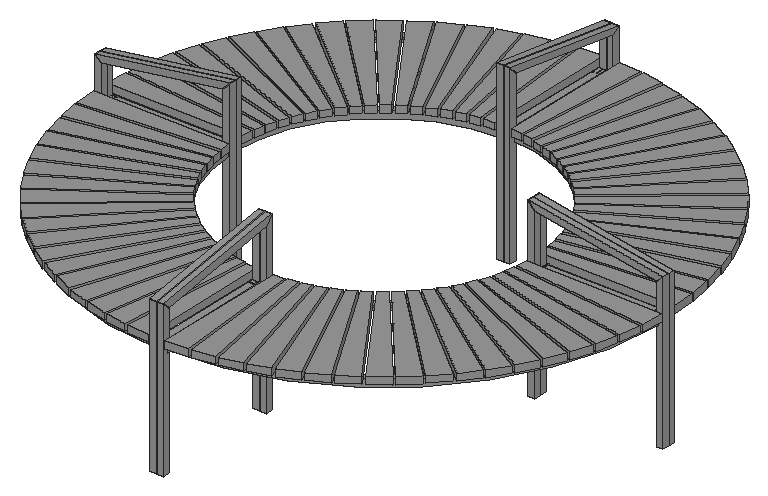
Revit family "Скамейка стальная «Квадрант» без спинки Арт 12410", category Антураж, Revit 2018
Family settings
  На основе рабочей плоскости = Нет
  Всегда вертикально = Да
  При загрузке вырезать с полостями = Нет
  Источник визуального образа = Геометрия семейства
  Общий = Нет
  Точка расчета площади = Нет
Parameters (values of type "Круглая")
  Ширина = if([1 Элемент], W1, W2)  # 2100 mm
  Описание = if([1 Элемент], "Скамейка стальная «Квадрант» без спинки. Версия стандарт", "Скамейка стальная «Квадрант» без спинки. Версия круглая")  # "Скамейка стальная «Квадрант» без спинки. Версия круглая"
  Материал изделия = "Сталь, дерево"  # constant formula
  Круглая = not([1 Элемент])  # yes
  Изображение типоразмера = Скамейка стальная «Квадрант» без спинки круглая Арт 12410.jpg
  Изготовитель = "ООО «Хоббика»"  # constant formula
  Длина = if([1 Элемент], L1, L2)  # 2100 mm
  Группа модели = "Садовые скамейки"  # constant formula
  Артикул товара = "Арт. 12410"  # constant formula
  W2 = 2100 mm
  W1 = 1050 mm
  URL = "https://hobbyka.ru/product/skameyka_stalnaya_kvadrant/"
  L2 = 2100 mm
  L1 = 1050 mm
  Высота = 650 mm
  1 Элемент = no
Types (3, lengths in mm): name | Ширина | Описание | Круглая | Изображение типоразмера | Длина | 1 Элемент
  (no name) | 2100 | "Скамейка стальная «Квадрант» без спинки. Версия круглая" | yes | Скамейка стальная «Квадрант» без спинки круглая Арт 12410.jpg | 2100 | no
  Стандарт | 1050 | "Скамейка стальная «Квадрант» без спинки. Версия стандарт" | no | Скамейка стальная «Квадрант» без спинки стандарт Арт 12410.jpg | 1050 | yes
  Круглая | 2100 | "Скамейка стальная «Квадрант» без спинки. Версия круглая" | yes | Скамейка стальная «Квадрант» без спинки круглая Арт 12410.jpg | 2100 | no
Reference planes
  plane 1 "По центру (Вперед/Назад)": y = 0
  plane 2: z = 0
  plane 3 "По центру (Влево/Вправо)": x = 0
  plane 4: x = -1050
  plane 5: y = -1050
  plane 6: z = 650
  plane 7: x = 1050
  plane 8: y = 1050
Dimensions and locks
  "L1": plane 5 to plane 1 "По центру (Вперед/Назад)"
  "W1": plane 4 to plane 3 "По центру (Влево/Вправо)"
  "Высота": plane 6 to level
  "W2": plane 4 to plane 7
  "L2": plane 5 to plane 8
  aligned and locked: level to plane 2
Nested families
  nested 1: "Скамейка стальная «Квадрант» без спинки элемент" at (0, 0, 0), type "Скамейка стальная «Квадрант» без спинки элемент"
  nested 2: "Скамейка стальная «Квадрант» без спинки элемент" at (0, 0, 0) x (0, 1, 0) z (0, 0, 1), visible <- "Круглая", type "Скамейка стальная «Квадрант» без спинки элемент"
  nested 3: "Скамейка стальная «Квадрант» без спинки элемент" at (0, 0, 0) x (-1, 0, 0) z (0, 0, 1), visible <- "Круглая", type "Скамейка стальная «Квадрант» без спинки элемент"
  nested 4: "Скамейка стальная «Квадрант» без спинки элемент" at (0, 0, 0) x (0, -1, 0) z (0, 0, 1), visible <- "Круглая", type "Скамейка стальная «Квадрант» без спинки элемент"
Definition of nested family "Скамейка стальная «Квадрант» без спинки элемент"
  Parameters (values of type "Скамейка стальная «Квадрант» без спинки элемент")
    Цвет сидения = none
    Цвет каркаса = none
    Height = 0 mm
  Reference planes
    plane 1 "По центру (Вперед/Назад)": y = 0
    plane 2: z = 0
    plane 3 "По центру (Влево/Вправо)": x = 0
  Forms (mm)
    Extrusion 1, solid, material <- "Цвет каркаса"
      sketch origin (-1050, -1050, 0) x (0, 1, 0) y (0, 0, 1)
        loop
          line (0, 0) -> (25, 0) -> (25, 548.757) -> (0, 570) -> (0, 0)
        loop
          line (500, 0) -> (500, 650) -> (475, 620.579) -> (475, 0) -> (500, 0)
      from 1025 to 1050
    Extrusion 2, solid, material <- "Цвет каркаса"
      sketch origin (-1050, -1050, 0) x (0, 1, 0) y (0, 0, 1)
        loop
          line (25, 548.757) -> (475.175, 620.785) -> (500, 650) -> (0, 570) -> (25, 548.757)
        loop
          line (20.712, 425) -> (20.712, 400) -> (475.398, 400) -> (475.398, 425) -> (20.712, 425)
      from 1025 to 1050
    Sweep 3, solid, material <- "Цвет каркаса"
      path origin (-1050, -1050, 0) x (1, 0, 0) y (0, 1, 0)
        loop
          arc (109.343, 1039.123) -> (382.554, 383.261) -> (1034.281, 100.329) r 950
      profile origin (-15.719, -949.671, 0) x (0.026316, 0.999654, 0) y (0, 0, 1)
        loop
          line (-74.645, 420) -> (-54.645, 420) -> (-54.645, 425) -> (-79.645, 425) -> (-79.645, 400) -> (-74.645, 400) -> (-74.645, 420)
        loop
          line (380.199, 425) -> (355.199, 425) -> (355.199, 420) -> (375.199, 420) -> (375.199, 400) -> (380.199, 400) -> (380.199, 425)
    Extrusion 4, solid, material <- "Цвет каркаса", not visible
      sketch origin (262.5, 0, 0) x (0, 1, 0) y (0, 0, 1)
        loop
          line (0, 0) -> (25, 0) -> (25, 548.757) -> (0, 570) -> (0, 0)
        loop
          line (500, 0) -> (500, 650) -> (475, 620.579) -> (475, 0) -> (500, 0)
      from 1025 to 1050
    Extrusion 5, solid, material <- "Цвет каркаса", not visible
      sketch origin (262.5, 0, 0) x (0, 1, 0) y (0, 0, 1)
        loop
          line (25, 548.757) -> (475.175, 620.785) -> (500, 650) -> (0, 570) -> (25, 548.757)
        loop
          line (20.712, 425) -> (20.712, 400) -> (475.398, 400) -> (475.398, 425) -> (20.712, 425)
      from 1025 to 1050
    Extrusion 6, solid, material <- "Цвет каркаса"
      sketch origin (-1050, 1025, 0) x (1, 0, 0) y (0, 0, 1)
        loop
          line (0, 0) -> (25, 0) -> (25, 548.757) -> (0, 570) -> (0, 0)
        loop
          line (500, 0) -> (500, 650) -> (475, 620.579) -> (475, 0) -> (500, 0)
      from 1025 to 1050
    Extrusion 7, solid, material <- "Цвет каркаса"
      sketch origin (-1050, 1025, 0) x (1, 0, 0) y (0, 0, 1)
        loop
          line (25, 548.757) -> (475.175, 620.785) -> (500, 650) -> (0, 570) -> (25, 548.757)
        loop
          line (20.712, 425) -> (20.712, 400) -> (475.398, 400) -> (475.398, 425) -> (20.712, 425)
      from 1025 to 1050
    Extrusion 8, solid, material <- "Цвет сидения"
      sketch origin (-1050, -1050, 0) x (1, 0, 0) y (0, 1, 0)
        loop
          line (500.819, 1020) -> (0.429, 1020) -> (6.172, 936.321) -> (504.327, 979.904) -> (500.819, 1020)
        loop
          line (506.015, 970.013) -> (7.501, 926.399) -> (19.681, 848.694) -> (512.097, 935.52) -> (506.015, 970.013)
        loop
          line (514.221, 925.74) -> (21.449, 838.851) -> (40.095, 762.612) -> (523.242, 892.071) -> (514.221, 925.74)
        loop
          line (1020, 500.977) -> (979.917, 504.483) -> (936.321, 6.172) -> (1020, 0.429) -> (1020, 500.977)
        loop
          line (526.129, 882.491) -> (42.878, 753.005) -> (67.82, 678.756) -> (537.734, 849.791) -> (526.129, 882.491)
        loop
          line (541.461, 840.505) -> (71.401, 669.417) -> (102.435, 597.649) -> (555.625, 808.975) -> (541.461, 840.505)
        loop
          line (560.09, 800.024) -> (106.787, 588.645) -> (143.678, 519.829) -> (576.705, 769.837) -> (560.09, 800.024)
        loop
          line (581.878, 761.276) -> (148.769, 511.221) -> (191.25, 445.807) -> (600.828, 732.597) -> (581.878, 761.276)
        loop
          line (606.674, 724.482) -> (197.044, 437.656) -> (244.817, 376.071) -> (627.84, 697.465) -> (606.674, 724.482)
        loop
          line (634.319, 689.848) -> (251.272, 368.433) -> (304.011, 311.082) -> (657.572, 664.643) -> (634.319, 689.848)
        loop
          line (664.643, 657.572) -> (311.082, 304.011) -> (368.433, 251.272) -> (689.848, 634.319) -> (664.643, 657.572)
        loop
          line (697.465, 627.84) -> (376.071, 244.817) -> (437.656, 197.044) -> (724.482, 606.674) -> (697.465, 627.84)
        loop
          line (732.597, 600.828) -> (445.807, 191.25) -> (511.221, 148.769) -> (761.276, 581.878) -> (732.597, 600.828)
        loop
          line (769.837, 576.705) -> (519.829, 143.678) -> (588.645, 106.787) -> (800.024, 560.09) -> (769.837, 576.705)
        loop
          line (808.975, 555.625) -> (597.649, 102.435) -> (669.417, 71.401) -> (840.505, 541.461) -> (808.975, 555.625)
        loop
          line (849.791, 537.734) -> (678.756, 67.82) -> (753.005, 42.878) -> (882.491, 526.129) -> (849.791, 537.734)
        loop
          line (892.051, 523.168) -> (762.612, 40.095) -> (838.851, 21.449) -> (925.727, 514.144) -> (892.051, 523.168)
        loop
          line (935.511, 512.048) -> (848.659, 19.485) -> (926.381, 7.302) -> (970.009, 505.965) -> (935.511, 512.048)
      from 425 to 450
  Dimensions and locks
    aligned and locked: level to plane 2
